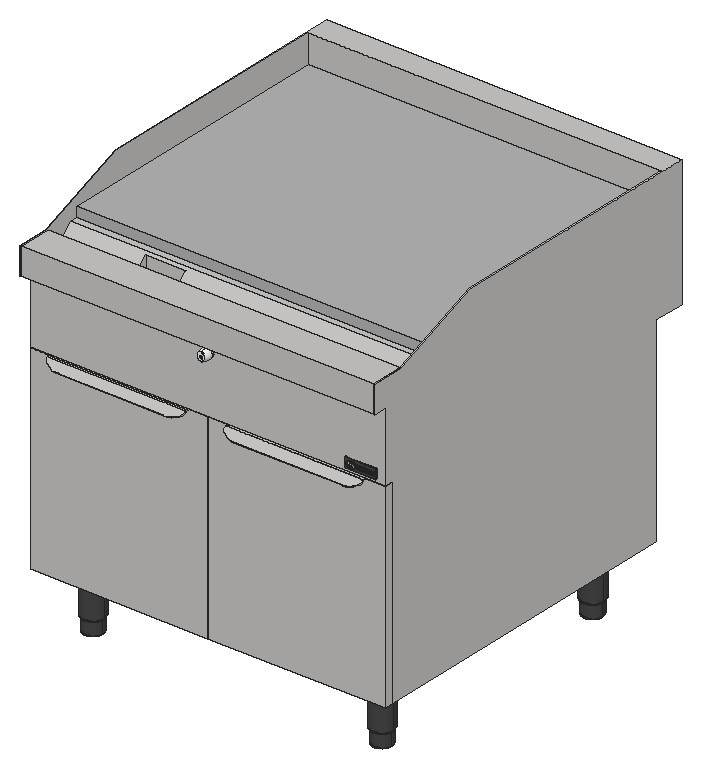
Revit family "QF_MACOM_CH92C-N_G", category Specialty Equipment, Revit 2020 (continued)
Definition of nested family "LOGOTIPO MACOM"
  Forms (mm)
    Extrusion 3, solid
      sketch origin (24.652, 4.488, 0.011) x (-1, 0, 0) y (0, -0.000061, -1)
        loop
          line (19.744, -17.092) -> (23.432, -17.092) -> (23.432, -8.347)
        loop
          line (19.744, -12.773) -> (19.744, -14.314)
          arc (19.744, -14.314) -> (19.926, -14.753) -> (20.365, -14.935) r 0.621
          line (20.365, -14.935) -> (21.588, -14.935) -> (21.588, -12.773) -> (19.744, -12.773)
        loop
          line (-1.629, -17.092) -> (-1.629, -8.35) -> (-3.474, -8.35) -> (-3.474, -14.038)
          arc (-3.474, -14.038) -> (-4.088, -14.653) -> (-4.703, -14.038) r 0.615
          line (-4.703, -14.038) -> (-4.703, -8.35) -> (-6.547, -8.35) -> (-6.547, -14.038)
          arc (-6.547, -14.038) -> (-7.162, -14.653) -> (-7.777, -14.038) r 0.615
          line (-7.777, -14.038) -> (-7.777, -8.35) -> (-9.621, -8.35) -> (-9.621, -15.193)
          arc (-9.621, -15.193) -> (-9.064, -16.536) -> (-7.721, -17.092) r 1.899
          line (-7.721, -17.092) -> (-1.629, -17.092)
        loop
          line (9.587, -17.092) -> (12.299, -17.092)
          arc (12.299, -17.092) -> (16.67, -12.721) -> (12.299, -8.35) r 4.371
          line (12.299, -8.35) -> (9.754, -8.35) -> (9.754, -10.194) -> (12.276, -10.194)
          arc (12.276, -10.194) -> (14.804, -12.721) -> (12.276, -15.248) r 2.527
          line (12.276, -15.248) -> (9.587, -15.248) -> (9.587, -17.092)
        loop
          line (56.832, -8.05) -> (55.056, -18.123)
          spline (55.056, -18.123) -> (56.262, -17.518) -> (57.317, -16.815) -> (58.199, -16.029) -> (58.892, -15.175) -> (59.381, -14.269) -> (59.658, -13.331) -> (59.715, -12.378) -> (59.552, -11.43) -> (59.173, -10.505) -> (58.585, -9.622) -> (57.799, -8.798) -> (56.832, -8.05)
        loop
          spline (53.362, -6.487) -> (53.217, -6.446) -> (53.071, -6.406) -> (52.923, -6.368) -> (52.775, -6.331) -> (52.626, -6.295) -> (52.476, -6.26) -> (52.326, -6.227) -> (52.174, -6.195) -> (52.022, -6.165) -> (51.869, -6.136) -> (51.715, -6.108) -> (51.561, -6.082)
          line (51.561, -6.082) -> (49.643, -16.962)
          arc (49.643, -16.962) -> (50.579, -17.898) -> (51.515, -16.962) r 0.936
          line (51.515, -16.962) -> (53.362, -6.487)
        loop
          spline (48.156, -5.852) -> (48, -5.857) -> (47.843, -5.863) -> (47.687, -5.871) -> (47.531, -5.88) -> (47.375, -5.89) -> (47.22, -5.902) -> (47.065, -5.915) -> (46.91, -5.929) -> (46.755, -5.945) -> (46.601, -5.962) -> (46.447, -5.981) -> (46.294, -6.001)
          line (46.294, -6.001) -> (44.358, -16.978)
          arc (44.358, -16.978) -> (45.276, -17.896) -> (46.195, -16.978) r 0.918
          line (46.195, -16.978) -> (48.156, -5.852)
        loop
          spline (42.364, -7.044) -> (41.131, -7.649) -> (40.051, -8.356) -> (39.147, -9.149) -> (38.437, -10.014) -> (37.937, -10.931) -> (37.655, -11.882) -> (37.599, -12.848) -> (37.768, -13.809) -> (38.16, -14.746) -> (38.767, -15.639) -> (39.575, -16.47) -> (40.57, -17.222)
          line (40.57, -17.222) -> (42.364, -7.044)
        loop
          spline (61.565, -12.773) -> (61.125, -10.691) -> (59.836, -8.75) -> (57.784, -7.084) -> (55.111, -5.806) -> (51.997, -5.002) -> (48.656, -4.728) -> (45.315, -5.002) -> (42.202, -5.806) -> (39.528, -7.084) -> (37.477, -8.75) -> (36.187, -10.691) -> (35.747, -12.773)
          spline (35.747, -12.773) -> (36.187, -14.855) -> (37.477, -16.795) -> (39.528, -18.461) -> (42.202, -19.74) -> (45.315, -20.544) -> (48.656, -20.818) -> (51.997, -20.544) -> (55.111, -19.74) -> (57.784, -18.461) -> (59.836, -16.795) -> (61.125, -14.855) -> (61.565, -12.773)
        loop
          circle (3.963, -12.726) r 4.377
        loop
          circle (3.963, -12.726) r 2.582
      from 6.289 to 6.977
  Dimensions and locks
    equal spacing: plane 5, plane 6, plane 4
    aligned and locked: level to plane 2
Definition of nested family "PORTA 450"
  Parameters (values of type "PORTA 450")
    Weight [instance] = 0.00 kg
    Right [instance] = not(Left)  # yes
    R_Swing [instance] = and(Right, Show Clearances)  # yes
    Left [instance] = no
    L_Swing [instance] = and(Left, Show Clearances)  # no
    Default Elevation = 0.000 mm
    Type Comments = ""
    Show Logo [instance] = yes
    Show Clearances [instance] = yes
    Masterspec [instance] = ""
    Length Actual [instance] = 450.000 mm
    Identify Quantity as Lot [instance] = yes
    Height Actual [instance] = 503.000 mm
    Foodservice Equipment Identifier [instance] = yes
    Depth Actual [instance] = 20.000 mm
    CSI MasterFormat [instance] = ""
    Accessory [instance] = yes
  Reference planes
    plane 1 "Centro (Frontal/Traseira)": y = 0
    plane 2: z = 0
    plane 3 "Centro (Esquerda/Direita)": x = 0
    plane 4: x = 450
    plane 5: z = 503
  Forms (mm)
    Extrusion 1, solid
      sketch origin (0, 0, 0) x (0, 1, 0) y (0, 0, 1)
        loop
          line (-20, 503) -> (-20, 0) -> (0, 0) -> (0, 503) -> (-20, 503)
      from 0 to 450 <- "Length Actual"
    Extrusion 2, solid, visible <- "Left", detail levels coarse
      sketch origin (0, -20, 503) x (0, 1, 0) y (-1, 0, 0)
        loop
          arc (-450, 0) -> (-318.198, -318.198) -> (0, -450) r 450
          line (0, -450) -> (0, 0) -> (-450, 0)
      from 0 to -503
    Extrusion 3, solid, visible <- "Right", detail levels coarse
      sketch origin (131.237, -20, 507) x (1, 0, 0) y (0, 1, 0)
        loop
          arc (-131.237, 0) -> (0.564, -318.198) -> (318.763, -450) r 450
          line (318.763, -450) -> (318.763, 0) -> (-131.237, 0)
      from -4 to -507
  Dimensions and locks
    "Depth Actual": Extrusion 1 sketch curve to Extrusion 1 sketch curve
    Extrusion 1 sketch curve to Extrusion 1 sketch curve = 503.000 mm
    "Length Actual": plane 4 to plane 3 "Centro (Esquerda/Direita)"
    "Height Actual": plane 5 to level
    aligned and locked: level to plane 2
    aligned and locked: plane 4 to Extrusion 1
    aligned and locked: Extrusion 2 to level
    aligned and locked: Extrusion 2 to plane 5
    aligned and locked: Extrusion 1 to plane 5
    aligned and locked: plane 5 to nested 1
    aligned and locked: Extrusion 1 to Extrusion 2
    aligned and locked: Extrusion 3 to plane 5
    aligned and locked: Extrusion 1 to level
    aligned and locked: Extrusion 3 to level
  Automatic sketch dimensions
    Extrusion 2 sketch curve to Extrusion 1 = 0.000 mm  (x2)
    Extrusion 1 to Extrusion 2 sketch curve = 0.000 mm
    Extrusion 3 sketch curve to plane 3 "Centro (Esquerda/Direita)" = 0.000 mm
    Extrusion 3 sketch curve to plane 4 = 0.000 mm
    plane 1 "Centro (Frontal/Traseira)" to Extrusion 3 sketch curve = 470.000 mm
    Extrusion 1 sketch curve to level = 0.000 mm
    Extrusion 1 sketch curve to plane 1 "Centro (Frontal/Traseira)" = 0.000 mm
  Nested families
    nested 1: "PUXADOR" at (50, -10, 503), type "PUXADOR"
      with Weight 0.00 kg, Watts 0 W, Warranty Start Date "", Warranty Duration "", Volts 0 V, URL Recommended Spares List "", URL Manufacturer "", URL Cutsheet "", URL Critical Spares List "", Technical Documentation "", Tag Number "", Steam type "", Steam Supply Volume 0.0 m³/h, Steam Supply Size 0", Steam Supply Minimum Pressure 0.0 bar, Steam Supply Maximum Pressure 0.0 bar, Steam Supply Connection Height 0.000 mm, Steam Pounds per Hour 0, Status "", Specification by User "", Specification by Manufacturer "", Sound Level "", Solid Fuel Type "", Show Logo yes, Show Clearances yes, Service Life Duration "", Serial Number "", Seismic Rating "", SMACNA No "", Revision Code "", Revision "", Refrigeration Working Pressure 0.0 bar, Refrigeration Evaporation Temperature -273.15 °C, Refrigeration Energy Efficiency Index "", Refrigeration Defrost Drain yes, Refrigeration Climate Class "", Refrigerant Type "", Refrigerant Mass 0, Refrigerant Flow 0.0 m³/h, Production Year "", Point Load 0, Phase 0, Operational Current 0 A, NAFEM Spec ID Number "", Model Warning "", Masterspec "", Length Actual 0.000 mm, Item Number "", Installed By "", Installation Date "", Ingress Protection Code "", Identify Quantity as Lot yes, ID "", Hygiene Approval "", Height Actual 0.000 mm, Gas Size 0", Gas Input 0 W, Gas Flow GN 0.0 m³/h, Gas Connection Height 0.000 mm, Furnished By "", Fuel Type "", Foodservice Equipment Identifier yes, Flue Type "", Exhaust Volume 0.0 L/s, Exhaust Vent Width 0.000 mm, Exhaust Vent Height 0.000 mm, Exhaust Vent Diameter 0.000 mm, Exhaust Vent Depth 0.000 mm, Exhaust Air Temperature -273.15 °C, Elec Conn Connection Height 0.000 mm, ETL Approved yes, Depth Actual 0.000 mm, Cycle 0 Hz, CSI MasterFormat "", CE Approved yes, Accessory yes
  Definition of nested family "PUXADOR"
    Parameters (values of type "PUXADOR")
      Weight [instance] = 0.00 kg
      Watts [instance] = 0 W
      Warranty Start Date [instance] = ""
      Warranty Duration [instance] = ""
      Volts [instance] = 0 V
      URL Recommended Spares List [instance] = ""
      URL Manufacturer [instance] = ""
      URL Cutsheet [instance] = ""
      URL Critical Spares List [instance] = ""
      Gas Flow GN [instance] = 0.0 m³/h
      Gas Flow GLP = ""
      Default Elevation = 0.000 mm
      Type Comments = ""
      Technical Documentation [instance] = ""
      Tag Number [instance] = ""
      Steam type [instance] = ""
      Steam Supply Volume [instance] = 0.0 m³/h
      Steam Supply Size [instance] = 0"
      Steam Supply Minimum Pressure [instance] = 0.0 bar
      Steam Supply Maximum Pressure [instance] = 0.0 bar
      Steam Supply Connection Height [instance] = 0.000 mm
      Steam Pounds per Hour [instance] = 0
      Status [instance] = ""
      Specification by User [instance] = ""
      Specification by Manufacturer [instance] = ""
      Sound Level [instance] = ""
      Solid Fuel Type [instance] = ""
      Show Logo [instance] = yes
      Show Clearances [instance] = yes
      Service Life Duration [instance] = ""
      Serial Number [instance] = ""
      Seismic Rating [instance] = ""
      SMACNA No [instance] = ""
      Revision Code [instance] = ""
      Revision [instance] = ""
      Refrigeration Working Pressure [instance] = 0.0 bar
      Refrigeration Evaporation Temperature [instance] = -273.15 °C
      Refrigeration Energy Efficiency Index [instance] = ""
      Refrigeration Defrost Drain [instance] = yes
      Refrigeration Climate Class [instance] = ""
      Refrigerant Type [instance] = ""
      Refrigerant Mass [instance] = 0
      Refrigerant Flow [instance] = 0.0 m³/h
      Production Year [instance] = ""
      Point Load [instance] = 0
      Phase [instance] = 0
      Operational Current [instance] = 0 A
      NAFEM Spec ID Number [instance] = ""
      Model Warning [instance] = ""
      Masterspec [instance] = ""
      Length Actual [instance] = 0.000 mm
      Item Number [instance] = ""
      Installed By [instance] = ""
      Installation Date [instance] = ""
      Ingress Protection Code [instance] = ""
      Identify Quantity as Lot [instance] = yes
      ID [instance] = ""
      Hygiene Approval [instance] = ""
      Height Actual [instance] = 0.000 mm
      Gas Size [instance] = 0"
      Gas Input [instance] = 0 W
      Gas Connection Height [instance] = 0.000 mm
      Furnished By [instance] = ""
      Fuel Type [instance] = ""
      Foodservice Equipment Identifier [instance] = yes
      Flue Type [instance] = ""
      Exhaust Volume [instance] = 0.0 L/s
      Exhaust Vent Width [instance] = 0.000 mm
      Exhaust Vent Height [instance] = 0.000 mm
      Exhaust Vent Diameter [instance] = 0.000 mm
      Exhaust Vent Depth [instance] = 0.000 mm
      Exhaust Air Temperature [instance] = -273.15 °C
      Elec Conn Connection Height [instance] = 0.000 mm
      ETL Approved [instance] = yes
      Depth Actual [instance] = 0.000 mm
      Cycle [instance] = 0 Hz
      CSI MasterFormat [instance] = ""
      CE Approved [instance] = yes
      Accessory [instance] = yes
    Reference planes
      plane 1 "Centro (Frontal/Traseira)": y = 0
      plane 2: z = 0
      plane 3 "Centro (Esquerda/Direita)": x = 0
      plane 4: x = 350
    Forms (mm)
      Extrusion 1, solid
        sketch origin (161.41, -17, 2.828) x (0, -0.707107, -0.707107) y (1, 0, 0)
          loop
            line (27, -127.512) -> (27, 154.692)
            arc (27, 154.692) -> (26.012, 162.194) -> (23.117, 169.185) r 28.986
            line (23.117, 169.185) -> (20.9, 173.024) -> (14.8, 183.59)
            arc (14.8, 183.59) -> (11.166, 187.235) -> (6.2, 188.59) r 10
            line (6.2, 188.59) -> (3.135, 188.59) -> (3.135, -161.41) -> (6.2, -161.41)
            arc (6.2, -161.41) -> (11.166, -160.055) -> (14.8, -156.41) r 10
            line (14.8, -156.41) -> (20.9, -145.845) -> (23.117, -142.005)
            arc (23.117, -142.005) -> (26.012, -135.014) -> (27, -127.512) r 28.986
        from 0 to -2
      Extrusion 2, solid
        sketch origin (150, -10, 0) x (0, 0, -1) y (0, 1, 0)
          loop
            arc (-2, -7) -> (-1.848, -7.765) -> (-1.414, -8.414) r 2
            line (-1.414, -8.414) -> (-0.612, -9.217) -> (0.803, -7.803) -> (0, -7) -> (0, 10) -> (-2, 10) -> (-2, -7)
        from 200 to -150
    Cuts and joins
      joined: Extrusion 1, Extrusion 2
    Dimensions and locks
      aligned and locked: level to plane 2
Definition of nested family "PÉ DE APOIO 150"
  Parameters (values of type "pÉ DE APOIO 150")
    Default Elevation = 0.000 mm
  Reference planes
    plane 1 "Centro (Frente/Trás)": y = 0
    plane 2: z = 0
    plane 3 "Centro (Esquerda/Direita)": x = 0
  Forms (mm)
    Revolve 1, solid
      sketch origin (0, 0, 0) x (1, 0, 0) y (0, 0, 1)
        loop
          line (0, 0) -> (23.041, 0)
          arc (23.041, 0) -> (24.426, 0.574) -> (25, 1.959) r 1.959
          line (25, 1.959) -> (25, 35) -> (26.049, 35)
          arc (26.049, 35) -> (28.136, 35.864) -> (29, 37.951) r 2.951
          line (29, 37.951) -> (29, 132) -> (34, 137) -> (0, 137) -> (0, 0)
        axis (0, 137) -> (0, 0)
      angle from 0 to 360
    Extrusion 2, solid
      sketch origin (0, 0, 0.5) x (1, 0, 0) y (0, 0, 1)
        loop
          line (47, 136.5) -> (47, 149.5) -> (-47, 149.5) -> (-47, 136.5) -> (47, 136.5)
      from -57 to 57
  Dimensions and locks
    Extrusion 2 to level = 150.000 mm
    aligned and locked: level to plane 2
    aligned and locked: Extrusion 2 to Revolve 1
Types (3, lengths in mm): name | Model | Gas Pressure | Gas Input GN | Gas Input GLP | Gas Consumption GN | Gas Consumption GLP | Description
  (no name) | "CH92C-G" | 0.0285 bar | "" | 71420 Btu/h | 0.0 m³/h | "1,57 Kg/h" | "CHAPA A GAS GLP 900HP MACOM COM MODULO BASE E PORTA - 900X972X900MM"
  CH92C-N | "CH92C-N" | 0.022 bar | "18000 Kcal/h" | 0 Btu/h | 1.89 m³/h | "" | "CHAPA A GAS NATURAL 900HP MACOM COM MODULO BASE E PORTA - 900X972X900MM-900X972X900"
  CH92C-G | "CH92C-G" | 0.0285 bar | "" | 71420 Btu/h | 0.0 m³/h | "1,57 Kg/h" | "CHAPA A GAS GLP 900HP MACOM COM MODULO BASE E PORTA - 900X972X900MM"
